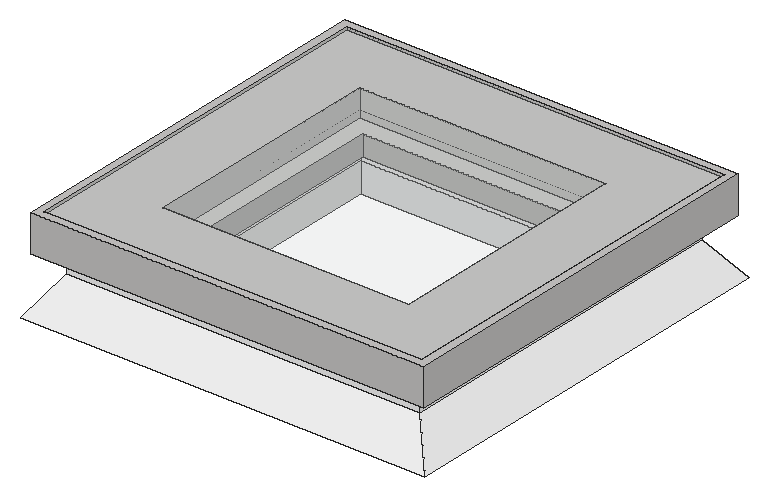
Revit family "Skylight_Fakro_DEF", category Generic Models, host Roof, Revit 2026
Family settings
  Host = Roof
  Can host rebar = No
  Round Connector Dimension = Use Diameter
  Part Type = Normal
  Always vertical = No
  Cut with Voids When Loaded = No
  Maintain Annotation Orientation = No
  Shared = No
  Room Calculation Point = No
Parameters (values of type "S82-L82-A65-B65")
  Sash Material = Metal - Steel - FAKRO - Insulated
  S = 82.00 cm
  L = 82.00 cm
  Handle Material = Metal - Steel - FAKRO
  Glazing = Glazing - Insulated - FAKRO - Triple Glazed
  Frame Material = Plastic - PVC - FAKRO - Insulated
  Default Elevation = 0.00 cm
  B = 65.00 cm
  A = 65.00 cm
Types (12, lengths in cm): name | S | L | B | A
  (no name) | 82.00 | 82.00 | 65.00 | 65.00
  S82-L82-A65-B65 | 82.00 | 82.00 | 65.00 | 65.00
  S82-L112-A65-B95 | 82.00 | 112.00 | 95.00 | 65.00
  S92-L92-A75-B75 | 92.00 | 92.00 | 75.00 | 75.00
  S102-L102-A85-B85 | 102.00 | 102.00 | 85.00 | 85.00
  S112-L112-A95-B95 | 112.00 | 112.00 | 95.00 | 95.00
  S112-L142-A95-B125 | 112.00 | 142.00 | 125.00 | 95.00
  S122-L122-A105-B105 | 122.00 | 122.00 | 105.00 | 105.00
  S142-L142-A125-B125 | 142.00 | 142.00 | 125.00 | 125.00
  S162-L162-A145-B145 | 162.00 | 162.00 | 145.00 | 145.00
  S122-L172-A105-B155 | 122.00 | 172.00 | 155.00 | 105.00
  S142-L242-A125-B225 | 142.00 | 242.00 | 225.00 | 125.00
Reference planes (cm)
  plane 1 "Center (Front/Back)": y = 0
  plane 2 "Roof": z = 365.76
  plane 3 "Center (Left/Right)": x = 0
  plane 4 "Left": x = -41
  plane 5 "Right": x = 41
  plane 6: x = -38.5
  plane 7 "Back": y = 41
  plane 8 "Front": y = -41
  plane 9: x = -38.3
  plane 10: x = -25
  plane 11: x = 38.3
  plane 12: x = 25
  plane 13 "Top": z = 400
  plane 14: z = 395.5
  plane 15: z = 399.5
  plane 16: x = -36.4318
  plane 17: y = 25
  plane 18: y = -25
  plane 19: z = 397.212
  plane 20: y = -38.3
  plane 21: y = 38.3
  plane 22: x = -20.5
  plane 23: x = -24
  plane 24: x = 20.5
  plane 25: x = 24
  plane 26: y = -27
  plane 27: y = -33.5
  plane 28: x = 20
  plane 29: x = -20
  plane 30: z = 389
  plane 31: z = 396
Forms (cm)
  Sweep 1, solid, material "Plastic - PVC - FAKRO - Insulated" <- "Frame Material"
    path origin (0, 0, 365.76) x (1, 0, 0) y (0, 1, 0)
      loop
        line (-41, -41) -> (41, -41) -> (41, 41) -> (-41, 41) -> (-41, -41)
    profile origin (-41, 0, 365.76) x (-1, 0, 0) y (0, 0, 1)
      loop
        line (-5.2, 29.74) -> (-11, 29.74) -> (-11, 22.74) -> (-16.5, 22.74) -> (-16.5, 23.24) -> (-17.5, 23.24) -> (-17.5, 21.6011) -> (-17, 15.24) -> (0, 15.24) -> (-5.2, 22.74) -> (-5.2, 29.74)
  Sweep 2, solid, material "Metal - Steel - FAKRO - Insulated" <- "Sash Material"
    path origin (0, 0, 365.76) x (1, 0, 0) y (0, 1, 0)
      loop
        line (-41, -41) -> (41, -41) -> (41, 41) -> (-41, 41) -> (-41, -41)
    profile origin (-41, 0, 365.76) x (-1, 0, 0) y (0, 0, 1)
      loop
        line (-1.2, 26.74) -> (-1.2, 34.24) -> (-2.7, 34.24) -> (-2.7, 33.74) -> (-16, 33.74) -> (-16, 28.164) -> (-19.5682, 28.164) -> (-18.7, 23.24) -> (-11.5, 23.24) -> (-11.5, 30.24) -> (-1.7, 30.24) -> (-1.7, 26.74) -> (-1.2, 26.74)
  Extrusion 3, solid, material "Glazing - Insulated - FAKRO - Triple Glazed" <- "Glazing"
    sketch origin (0, 0, 0) x (1, 0, 0) y (0, 0, 1)
      loop
        line (-38.3, 400) -> (-38.3, 399.5) -> (38.3, 399.5) -> (38.3, 400) -> (-38.3, 400)
    from -38.3 to 38.3
  Extrusion 4, solid, material "Glazing - Insulated - FAKRO - Triple Glazed" <- "Glazing"
    sketch origin (0, 0, 0) x (1, 0, 0) y (0, 0, 1)
      loop
        line (-25, 399.5) -> (-25, 395.5) -> (25, 395.5) -> (25, 399.5) -> (-25, 399.5)
    from -25 to 25
Dimensions and locks (cm)
  equal spacing: host sketch curve, plane 3 "Center (Left/Right)", host sketch curve
  equal spacing: host sketch curve, plane 1 "Center (Front/Back)", host sketch curve
  "S": plane 4 "Left" to plane 5 "Right"
  equal spacing: plane 4 "Left", plane 3 "Center (Left/Right)", plane 5 "Right"
  "L": plane 7 "Back" to plane 8 "Front"
  equal spacing: plane 8 "Front", plane 1 "Center (Front/Back)", plane 7 "Back"
  locked: plane 13 "Top" to host roof at 19
  plane 22 to plane 23 to plane 10 = 3.50 cm locked, 1.00 cm
  plane 24 to plane 25 to plane 12 = 3.50 cm locked, 1.00 cm
  locked: plane 28 to plane 24 at 0.5
  locked: plane 22 to plane 29 at 0.5
  locked: plane 30 to host roof at 8
  locked: plane 7 "Back" to plane 21 at 2.7
  locked: plane 20 to plane 8 "Front" at 2.7
  locked: plane 11 to plane 5 "Right" at 2.7
  locked: plane 9 to plane 4 "Left" at 2.7
  locked: plane 7 "Back" to plane 17 at 16
  locked: plane 18 to plane 8 "Front" at 16
  locked: plane 10 to plane 4 "Left" at 16
  locked: plane 5 "Right" to plane 12 at 16
  locked: plane 15 to plane 14 at 4
  locked: plane 13 "Top" to plane 15 at 0.5
  aligned and locked: plane 2 "Roof" to level
  aligned and locked: plane 4 "Left" to Sweep 1 sketch curve
  aligned and locked: Sweep 1 sketch curve to plane 5 "Right"
  aligned and locked: Sweep 1 sketch curve to plane 8 "Front"
  aligned and locked: plane 7 "Back" to Sweep 1 sketch curve
  aligned and locked: plane 7 "Back" to Sweep 2 sketch curve
  aligned and locked: plane 4 "Left" to Sweep 2 sketch curve
  aligned and locked: Sweep 2 sketch curve to plane 5 "Right"
  aligned and locked: Sweep 2 sketch curve to plane 8 "Front"
  aligned and locked: host roof to Sweep 1 sketch curve
  aligned and locked: plane 13 "Top" to Sweep 2 sketch curve
  aligned and locked: Sweep 2 sketch curve to plane 30
  aligned and locked: plane 9 to Extrusion 3 sketch curve
  aligned and locked: Extrusion 3 sketch curve to plane 13 "Top"
  aligned and locked: plane 15 to Extrusion 3 sketch curve
  aligned and locked: plane 11 to Extrusion 3 sketch curve
  aligned and locked: Extrusion 3 to plane 20
  aligned and locked: plane 21 to Extrusion 3
  aligned and locked: plane 12 to Extrusion 4 sketch curve
  aligned and locked: Extrusion 4 sketch curve to plane 15
  aligned and locked: plane 10 to Extrusion 4 sketch curve
  aligned and locked: Extrusion 4 to plane 14
  aligned and locked: plane 17 to Extrusion 4
  aligned and locked: Extrusion 4 to plane 18
Automatic sketch dimensions
  Sweep 1 sketch curve to profile plane = 0.00 cm
  profile plane to Sweep 1 sketch curve = 5.20 cm
  Sweep 1 sketch curve to Sweep 1 sketch curve = 5.80 cm
  Sweep 1 sketch curve to Sweep 1 sketch curve = 5.50 cm
  Sweep 1 sketch curve to Sweep 1 sketch curve = 0.50 cm  (x2)
  Sweep 1 sketch curve to Sweep 1 sketch curve = 1.00 cm
  Sweep 1 sketch curve to Sweep 1 sketch curve = 6.3611 cm
  Sweep 1 sketch curve to Sweep 1 sketch curve = 7.50 cm
  Sweep 1 sketch curve to Sweep 1 sketch curve = 0.00 cm
  Sweep 1 sketch curve to Sweep 1 sketch curve = 7.00 cm
  profile plane to Sweep 2 sketch curve = 19.5682 cm
  Sweep 2 sketch curve to Sweep 2 sketch curve = 0.8682 cm
  Sweep 2 sketch curve to Sweep 2 sketch curve = 3.5682 cm
  Sweep 2 sketch curve to Sweep 2 sketch curve = 4.50 cm
  profile plane to Sweep 2 sketch curve = 2.70 cm
  profile plane to Sweep 2 sketch curve = 1.70 cm
  profile plane to Sweep 2 sketch curve = 1.20 cm
  Sweep 2 sketch curve to Sweep 2 sketch curve = 7.50 cm
  Sweep 2 sketch curve to Sweep 2 sketch curve = 4.924 cm
  Sweep 2 sketch curve to Sweep 2 sketch curve = 2.076 cm
  Sweep 2 sketch curve to Sweep 2 sketch curve = 0.50 cm
  Extrusion 4 sketch curve to plane 14 = 0.00 cm
